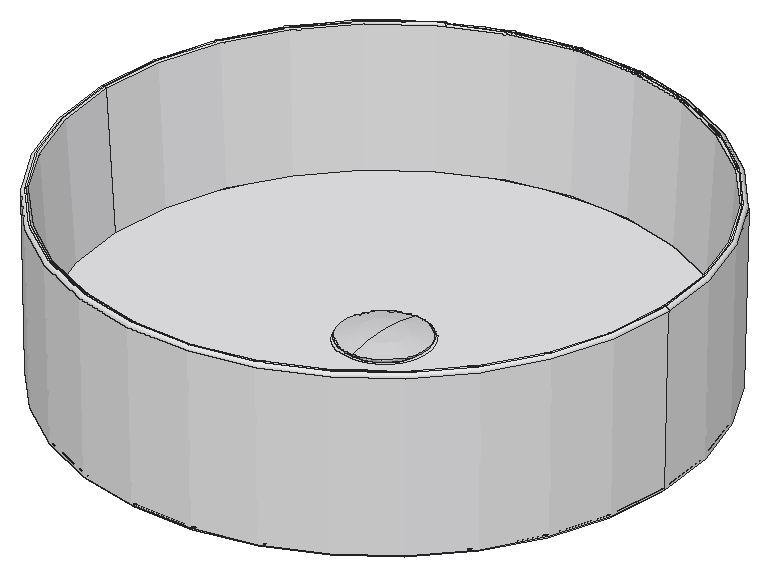
Revit family "Sink-Vessel-Lavatory-KOHLER-MICA-90012D_1", category Plumbing Fixtures, host Face, Revit 2017
Family settings
  Host = Face
  Round Connector Dimension = Use Diameter
  Part Type = Normal
  OmniClass Number = 23.31.13.00
  OmniClass Title = Sinks
  Cut with Voids When Loaded = No
  Shared = No
  Room Calculation Point = No
Parameters (values of type "0-White")
  Width = 16 9/64"  # constant formula
  WaterSense Certified = 1 = 0  # no
  Waste Water Outlet = "Waste Water Outlet"  # constant formula
  Waste Connection = 1 = 1  # yes
  Vent Connection = 1 = 0  # no
  URL = "https://www.kohler.co.uk/"
  Type = 1
  Product Page URL = "https://www.kohler.co.uk/washbasins/vessel-feature/mica-round-vessel-basin/"
  Product Name = "MICA"  # constant formula
  Product Documentation Link = "https://resources.kohler.com/plumbing/kohleruk/pdf/90012D.pdf"
  Model = "90012D-0"  # constant formula
  Material = "Vitreous China"  # constant formula
  Master Format 2014 Name = "Residential Lavatories and Sinks"  # constant formula
  Master Format 2014 = "22 41 16"  # constant formula
  Manufacturer Address = "Cromwell Road, Cheltenham, Gloucestershire. GL52 5EP Registered in England No. 252115"  # constant formula
  Manufacturer = "KOHLER Co."  # constant formula
  Length = 16 9/64"  # constant formula
  Hot Water Inlet = "Hot Water Inlet"  # constant formula
  Height = 6 13/128"  # constant formula
  HW Connection = 1 = 0  # no
  Finish = Kohler-Vitreous_China-0-White
  Environmental Product Declaration = ""
  Drain Included = 1 = 0  # no
  Description = "Round Vessel Basin"  # constant formula
  Default Elevation = 36"
  Declare Label = ""
  Date Modified = "04/27/2021"  # constant formula
  Date Created = "04/27/2021"  # constant formula
  Copyright = "Copyright KOHLER Co."  # constant formula
  Contact Us = "https://www.kohler.co.uk/support/contact/"
  Cold Water Inlet = "Cold Water Inlet"  # constant formula
  CW Connection = 1 = 0  # no
  Assembly Code = "D2010400"
  ADA Compliant = 1 = 0  # no
Reference planes (in)
  plane 1 "Center (Front/Back)": y = 0
  plane 2: z = 0
  plane 3 "Center (Left/Right)": x = 0
  plane 4: x = -8.07087
  plane 5: y = -8.06976
  plane 6: x = 8.06976
  plane 7: y = 8.07087
  plane 8: z = 4.72441
  plane 9: z = -1.37715
Forms (in)
  Extrusion 1, void
    sketch origin (0, 0, 0) x (1, 0, 0) y (0, 1, 0)
      loop
        circle (0, 0) r 2.95276
    from -1.37795 to 0
Dimensions and locks (in)
  plane 1 "Center (Front/Back)" to plane 7 = 8.07087"
  "Width": plane 4 to plane 6
  "Length": plane 5 to plane 7
  "Height": plane 8 to plane 9
  plane 8 to level = 4.72441"
  aligned and locked: plane 2 to host face
  aligned and locked: level to host face
Automatic sketch dimensions
  host sketch curve to host sketch curve = 96"  (x2)
  plane 1 "Center (Front/Back)" to Extrusion 1 sketch curve = 0"
  Extrusion 1 sketch curve to plane 3 "Center (Left/Right)" = 0"
  radius of Extrusion 1 sketch curve = 2.95276"
Nested families (in)
  nested 1: "90012D" at (0, 0, -1.37795), type "90012D"
Connectors (in)
  piping at (0, 0, -1.37795), diameter 1.25, driven by "Waste Connection", driven by "Waste Water Outlet"
    settings: on nested 1, index 1, connector inside diameter 24", connector length 0", flow factor 0, pipe flow 0 GPM, pressure drop 0.00 psi, fitting loss kfactor 0, connector angle 0.00°, fixture units 0, engagement length 0", angle of deflection 0.00°, flow configuration 0, flow direction 2, fitting loss method 0, system type 16, joint type 0, gender type 0, connector reference index -1, connector utility 1, adjustable connector no, is connector primary yes, connector description "Waste Water Outlet"
Definition of nested family "90012D"
  Parameters (values of type "90012D")
    Material = none
  Reference planes (in)
    plane 1 "Center (Front/Back)": y = 0
    plane 2: z = 0
    plane 3 "Center (Left/Right)": x = 0
    plane 4: y = 8.07087
    plane 5: x = 8.07087
    plane 6: y = -8.07087
    plane 7: x = -8.07087
    plane 8: z = 6.10236
    plane 9: z = 1.37795
  Forms (in)
    Sweep 1, solid, material <- "Material", detail levels medium+fine
      path origin (0, 0, 0) x (1, 0, 0) y (0, 1, 0)
        loop
          circle (0, 0) r 8.07087
      profile origin (0, 8.07087, 0) x (0, -1, 0) y (0, 0, 1)
        loop
          line (0.11194, 1.45669) -> (0.1513, 1.45669)
          arc (0.1513, 1.45669) -> (0.18458, 1.44291) -> (0.19837, 1.40963) r 0.04706
          line (0.19837, 1.40963) -> (0.19837, 1.37795) -> (1.0602, 1.37795)
          arc (1.0602, 1.37795) -> (1.22921, 1.44796) -> (1.29921, 1.61697) r 0.23901
          line (1.29921, 1.61697) -> (1.29921, 2.5) -> (0.42832, 2.5) -> (0.17914, 6.06339)
          arc (0.17914, 6.06339) -> (0.1655, 6.09198) -> (0.13603, 6.10359) r 0.04322
          line (0.13603, 6.10359) -> (0.09731, 6.10359)
          arc (0.09731, 6.10359) -> (0.02934, 6.07496) -> (0.00234, 6.00631) r 0.095
          line (0.00234, 6.00631) -> (0.11194, 1.45669)
    Extrusion 2, solid, material <- "Material", detail levels medium+fine
      sketch origin (0, 0, 0) x (1, 0, 0) y (0, 1, 0)
        loop
          circle (0, 0) r 6.77165
      from 1.85248 to 2.5
    Revolve 3, solid, material <- "Material", detail levels medium+fine
      sketch origin (0, 0, 0) x (0, 1, 0) y (0, 0, 1)
        loop
          line (0, 0.29717) -> (0, 1.94659) -> (-1.44883, 1.94659) -> (-1.29079, 0.14018)
          arc (-1.29079, 0.14018) -> (-1.24155, 0.04035) -> (-1.1378, 0) r 0.15357
          line (-1.1378, 0) -> (-0.4853, 0) -> (-0.4853, 0.29717) -> (0, 0.29717)
        axis (0, 0) -> (0, 1.94659)
      angle from 0 to 360
    Revolve 4, solid, detail levels medium+fine
      sketch origin (0, 0, 0.7405) x (0, 1, 0) y (0, 0, 1)
        loop
          line (0, 1.70894) -> (0, 1.9958)
          arc (0, 1.9958) -> (-0.56718, 1.95501) -> (-1.12268, 1.83349) r 3.96399
          arc (-1.12268, 1.83349) -> (-1.13162, 1.81955) -> (-1.1191, 1.80871) r 0.01265
          line (-1.1191, 1.80871) -> (-0.21918, 1.80871) -> (-0.21918, 1.70894) -> (0, 1.70894)
        axis (0, 1.9958) -> (0, 1.70894)
      angle from 0 to 360
    Revolve 5, void
      sketch origin (0, 0, 0) x (0, 1, 0) y (0, 0, 1)
        loop
          line (0, 2.5) -> (-1.18141, 2.5)
          arc (-1.18141, 2.5) -> (-0.97203, 2.41306) -> (-0.88583, 2.20337) r 0.29558
          line (-0.88583, 2.20337) -> (0, 2.20337) -> (0, 2.5)
        axis (0, 2.5) -> (0, 2.20337)
      angle from 0 to 360
    Extrusion 6, solid, material <- "Material", detail levels coarse
      sketch origin (0, 0, 0) x (1, 0, 0) y (0, 1, 0)
        loop
          circle (0, 0) r 8.07087
        loop
          circle (0, 0) r 7.64255
      from 1.37795 to 6.10105
    Revolve 7, solid, material <- "Material", detail levels coarse
      sketch origin (0, 0, 0) x (0, 1, 0) y (0, 0, 1)
        loop
          line (0, 0) -> (0, 1.41037) -> (-1.29079, 1.41037) -> (-1.29079, 0) -> (0, 0)
        axis (0, 0) -> (0, 1.41037)
      angle from 0 to 360
    Extrusion 8, solid, material <- "Material", detail levels coarse
      sketch origin (0, 0, 0) x (1, 0, 0) y (0, 1, 0)
        loop
          circle (0, 0) r 7.64255
      from 1.37795 to 1.50488
  Cuts and joins
    Revolve 5 cuts Sweep 1
    Revolve 5 cuts Extrusion 2
    joined: Sweep 1, Extrusion 2, Revolve 3
    joined: Extrusion 6, Revolve 7, Extrusion 8
  Lines and regions (in)
    Masking region 1
      outline origin (23.62205, 0, 0) x (1, 0, 0) y (0, 1, 0)
        loop
          circle (-23.62205, 0) r 8.07087
    Masking region 2
      outline origin (0, 0, 0) x (1, 0, 0) y (0, 0, 1)
        loop
          line (7.96125, 1.45669) -> (8.07087, 6.00714)
          arc (8.07087, 6.00714) -> (8.04445, 6.07433) -> (7.97791, 6.10236) r 0.09298
          line (7.97791, 6.10236) -> (-7.97791, 6.10236)
          arc (-7.97791, 6.10236) -> (-8.04445, 6.07433) -> (-8.07087, 6.00714) r 0.09298
          line (-8.07087, 6.00714) -> (-7.96125, 1.45669) -> (-7.92507, 1.45669)
          arc (-7.92507, 1.45669) -> (-7.89153, 1.4428) -> (-7.87764, 1.40926) r 0.04743
          line (-7.87764, 1.40926) -> (-7.87764, 1.37795) -> (-1.39897, 1.37795) -> (-1.29026, 0.13538)
          arc (-1.29026, 0.13538) -> (-1.24271, 0.03896) -> (-1.14252, 0) r 0.1483
          line (-1.14252, 0) -> (1.14252, 0)
          arc (1.14252, 0) -> (1.24271, 0.03896) -> (1.29026, 0.13538) r 0.1483
          line (1.29026, 0.13538) -> (1.39897, 1.37795) -> (7.87764, 1.37795) -> (7.87764, 1.40926)
          arc (7.87764, 1.40926) -> (7.89153, 1.4428) -> (7.92507, 1.45669) r 0.04743
          line (7.92507, 1.45669) -> (7.96125, 1.45669)
    Masking region 3
      outline origin (0, 0, 0) x (0, 1, 0) y (0, 0, 1)
        loop
          line (-7.96122, 1.45669) -> (-7.92504, 1.45669)
          arc (-7.92504, 1.45669) -> (-7.8915, 1.4428) -> (-7.87761, 1.40926) r 0.04743
          line (-7.87761, 1.40926) -> (-7.87761, 1.37795) -> (-1.39894, 1.37795) -> (-1.29023, 0.13538)
          arc (-1.29023, 0.13538) -> (-1.24269, 0.03896) -> (-1.14249, 0) r 0.1483
          line (-1.14249, 0) -> (1.14255, 0)
          arc (1.14255, 0) -> (1.24274, 0.03896) -> (1.29029, 0.13538) r 0.1483
          line (1.29029, 0.13538) -> (1.399, 1.37795) -> (7.87766, 1.37795) -> (7.87766, 1.40926)
          arc (7.87766, 1.40926) -> (7.89156, 1.4428) -> (7.92509, 1.45669) r 0.04743
          line (7.92509, 1.45669) -> (7.96128, 1.45669) -> (8.07089, 6.00714)
          arc (8.07089, 6.00714) -> (8.04447, 6.07433) -> (7.97794, 6.10236) r 0.09298
          line (7.97794, 6.10236) -> (-7.97789, 6.10236)
          arc (-7.97789, 6.10236) -> (-8.04442, 6.07433) -> (-8.07084, 6.00714) r 0.09298
          line (-8.07084, 6.00714) -> (-7.96122, 1.45669)
    symbolic lines, detail levels medium+fine
      curve 1: line (0, 1.399, 1.37795) -> (0, -1.39894, 1.37795)
      curve 2: line (0, -7.92504, 1.45669) -> (0, 7.92509, 1.45669)
      curve 4: circle (0, 0, 0) r 1.26992 normal (0, 0, 1)
      curve 6: line (-7.92507, 0, 1.45669) -> (7.92507, 0, 1.45669)
      curve 7: line (-1.39897, 0, 1.37795) -> (1.39897, 0, 1.37795)
    symbolic lines
      curve 3: circle (0, 0, 0) r 7.62964 normal (0, 0, 1)
      curve 5: circle (0, 0, 0) r 1.37795 normal (0, 0, 1)
  Dimensions and locks (in)
    plane 7 to plane 5 = 16.14173"
    plane 6 to plane 4 = 16.14173"
    plane 8 to plane 2 = 6.10236"
    plane 8 to plane 9 = 4.72441"
    aligned and locked: plane 2 to level
